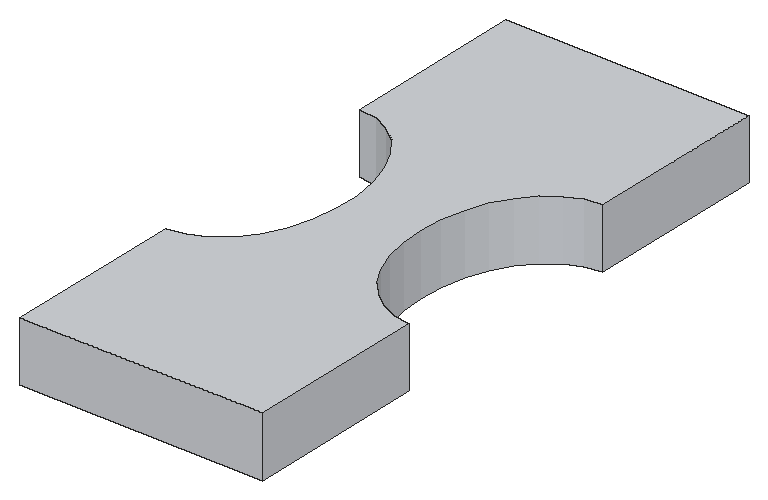
Revit family "電線管用ファミリ(片側のみ)_30", category Electrical Fixtures, Revit 2021
Family settings
  Maintain Annotation Orientation = No
  Round Connector Dimension = Use Diameter
  Part Type = Normal
  OmniClass Number = 23.80.00.00
  OmniClass Title = Electric Power and Lighting
  Work Plane-Based = No
  Always vertical = Yes
  Cut with Voids When Loaded = No
  Shared = No
  Room Calculation Point = No
Parameters
  コネクタ直径 [instance] = 16 mm
  W [instance] = 200 mm
  Default Elevation = 0 mm
  D [instance] = 500 mm
Reference planes
  plane 1 "Center (Front/Back)": y = 0
  plane 2: z = 0
  plane 3 "Center (Left/Right)": x = 0
  plane 4: x = -100
  plane 5: x = 100
  plane 6: y = 250
  plane 7: y = -250
  plane 8: z = 50
  plane 9: y = -100
  plane 10: y = 100
  plane 11: x = -50
  plane 12: x = 50
Forms (mm)
  Extrusion 1, solid
    sketch origin (0, 0, 0) x (1, 0, 0) y (0, 1, 0)
      loop
        line (-100, 250) -> (-100, -250) -> (100, -250) -> (100, 250) -> (-100, 250)
    from 0 to 50
  Extrusion 2, void
    sketch origin (0, 0, 0) x (1, 0, 0) y (0, 1, 0)
      loop
        line (-100, 100) -> (-100, -100)
        spline (-100, -100) -> (-81.883, -96.593) -> (-65, -86.603) -> (-50.503, -70.711) -> (-39.378, -50) -> (-32.385, -25.882) -> (-30, 0) -> (-32.385, 25.882) -> (-39.378, 50) -> (-50.503, 70.711) -> (-65, 86.603) -> (-81.883, 96.593) -> (-100, 100)
    from 0 to 50
  Extrusion 3, void
    sketch origin (0, 0, 0) x (1, 0, 0) y (0, 1, 0)
      loop
        spline (100, 100) -> (81.883, 96.593) -> (65, 86.603) -> (50.503, 70.711) -> (39.378, 50) -> (32.385, 25.882) -> (30, 0) -> (32.385, -25.882) -> (39.378, -50) -> (50.503, -70.711) -> (65, -86.603) -> (81.883, -96.593) -> (100, -100)
        line (100, -100) -> (100, 100)
    from 0 to 50
Cuts and joins
  Extrusion 2, Extrusion 3 cuts Extrusion 1
Dimensions and locks
  equal spacing: plane 4, plane 3 "Center (Left/Right)", plane 5
  "W": plane 4 to plane 5
  equal spacing: plane 6, plane 1 "Center (Front/Back)", plane 7
  "D": plane 6 to plane 7
  aligned and locked: level to plane 2
  aligned and locked: plane 8 to Extrusion 1
  aligned and locked: plane 8 to Extrusion 3
Automatic sketch dimensions
  Extrusion 1 sketch curve to plane 4 = 0 mm
  Extrusion 1 sketch curve to plane 5 = 0 mm
  Extrusion 1 sketch curve to plane 7 = 0 mm
  Extrusion 1 sketch curve to plane 6 = 0 mm
  Extrusion 2 sketch curve to plane 4 = 0 mm
  Extrusion 2 sketch curve to plane 9 = 0 mm
  Extrusion 2 sketch curve to plane 10 = 0 mm
  Extrusion 3 sketch curve to plane 5 = 0 mm
  Extrusion 3 sketch curve to plane 9 = 0 mm
  Extrusion 3 sketch curve to plane 10 = 0 mm
Connectors
  cabletrayconduit at (0, 0, 50), diameter 16
    settings: on Extrusion 1, index 1, connector width 300 mm, connector height 300 mm, connector angle 0.00°, system type 32, placement type 0, profile type 0, connector reference index -1, is primary connector yes, connector utility param no, connector description ""
